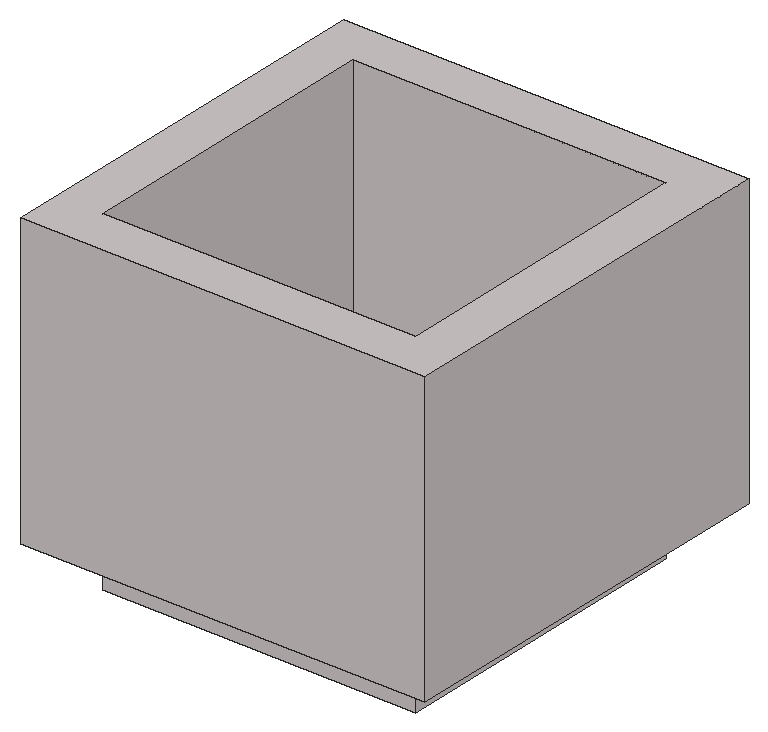
Revit family "M_Vaso de plantas", category Terreno, Revit 2019
Family settings
  Cota do conector redondo = Utilizar diâmetro
  Tipo de parte = Normal
  ID de item do Seek = Planter-0000-CAN-ENU
  Com base no plano de trabalho = Não
  Sempre na vertical = Não
  Corte com vazios quando carregada = Não
  Compartilhado = Não
Parameters (values of type "0900 x 0900mm")
  Material = Concreto, Pré-moldado
  Linear = 900.00 mm
  Altura = 750.00 mm
  Largura = 900.00 mm
Types (3, lengths in mm): name | Linear | Largura
  (no name) | 900.00 | 900.00
  1200 x 1200mm | 1200.00 | 1200.00
  0900 x 0900mm | 900.00 | 900.00
Reference planes
  plane 1 "Centro (Frente/Trás)": y = 0
  plane 2: z = 0
  plane 3 "Centro (Esquerda/Direita)": x = 0
  plane 4: y = 450
  plane 5: y = -450
  plane 6: x = 450
  plane 7: x = -450
  plane 8: z = 750
  plane 9: z = 101.6
  plane 10: z = 203.2
Forms (mm)
  Extrusion 1, solid, material "Concreto, Pré-moldado" <- "Material"
    sketch origin (0, 0, 0) x (1, 0, 0) y (0, 1, 0)
      loop
        line (-450, 450) -> (-450, -450) -> (450, -450) -> (450, 450) -> (-450, 450)
    from 101.6 to 750
  Extrusion 2, solid, material "Concreto, Pré-moldado" <- "Material"
    sketch origin (0, 0, 0) x (1, 0, 0) y (0, 1, 0)
      loop
        line (-348.4, 348.4) -> (-348.4, -348.4) -> (348.4, -348.4) -> (348.4, 348.4) -> (-348.4, 348.4)
    from 0 to 101.6
  Extrusion 3, void
    sketch origin (0, 0, 0) x (1, 0, 0) y (0, 1, 0)
      loop
        line (-348.4, 348.4) -> (-348.4, -348.4) -> (348.4, -348.4) -> (348.4, 348.4) -> (-348.4, 348.4)
    from 203.2 to 750
Cuts and joins
  Extrusion 3 cuts Extrusion 1
  Extrusion 3 cuts Extrusion 2
Lines and regions (mm)
  symbolic lines, style "Acessórios do terreno"
    curve 1: line (-450, 450, 0) -> (450, 450, 0)
    curve 2: line (-450, -450, 0) -> (-450, 450, 0)
    curve 3: line (450, -450, 0) -> (-450, -450, 0)
    curve 4: line (450, 450, 0) -> (450, -450, 0)
    curve 5: line (348.4, 348.4, 0) -> (-348.4, 348.4, 0)
    curve 6: line (348.4, -348.4, 0) -> (348.4, 348.4, 0)
    curve 7: line (-348.4, -348.4, 0) -> (348.4, -348.4, 0)
    curve 8: line (-348.4, 348.4, 0) -> (-348.4, -348.4, 0)
Dimensions and locks
  equal spacing: plane 7, plane 3 "Centro (Esquerda/Direita)", plane 6
  "Largura": plane 7 to plane 6
  equal spacing: plane 5, plane 1 "Centro (Frente/Trás)", plane 4
  "Linear": plane 5 to plane 4
  "Altura": plane 8 to plane 2
  locked: plane 9 to plane 2 at 101.6
  locked: plane 10 to plane 9 at 101.6
  aligned and locked: plane 7 to Extrusion 1 sketch curve
  aligned and locked: plane 4 to Extrusion 1 sketch curve
  aligned and locked: plane 5 to Extrusion 1 sketch curve
  aligned and locked: plane 6 to Extrusion 1 sketch curve
  aligned and locked: plane 8 to Extrusion 1
  aligned and locked: plane 9 to Extrusion 1
  aligned and locked: Extrusion 2 to plane 9
  aligned and locked: Extrusion 3 sketch curve to cut or joined group of Extrusion 2, Extrusion 3  (x4)
  aligned and locked: plane 8 to Extrusion 3
  aligned and locked: plane 10 to Extrusion 3
  aligned and locked: curve 1 to cut or joined group of Extrusion 1, Extrusion 3  (x2)
  aligned and locked: curve 4 to cut or joined group of Extrusion 1, Extrusion 3  (x2)
  aligned and locked: curve 5 to cut or joined group of Extrusion 1, Extrusion 3  (x2)
  aligned and locked: curve 8 to cut or joined group of Extrusion 1, Extrusion 3  (x2)
Automatic sketch dimensions
  Extrusion 2 sketch curve to plane 5 = 101.60 mm
  Extrusion 2 sketch curve to plane 7 = 101.60 mm
  plane 6 to Extrusion 2 sketch curve = 101.60 mm
  plane 4 to Extrusion 2 sketch curve = 101.60 mm
